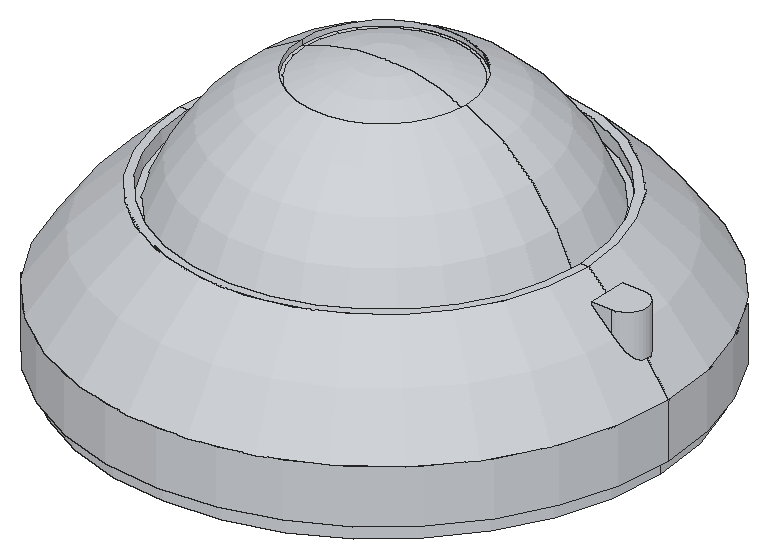
Revit family "Gira_537702", category Electrical Fixtures, host Face, Revit 2017
Family settings
  Host = Face
  Maintain Annotation Orientation = Yes
  Round Connector Dimension = Use Diameter
  Part Type = Normal
  Cut with Voids When Loaded = No
  Shared = No
  Room Calculation Point = No
Parameters (values of type "S3000 pres. + motion detec. 360° top BT Sentinel")
  With signal unit = "No"
  With remote control = "No"
  With alarm function = "No"
  With DALI interface = "No"
  URL = "http://katalog.gira.de/en/datenblatt.html?artikelnr=537702"
  Transparent = "No"
  Suitable for wall mounting = "Yes"
  Suitable for ceiling mounting = "Yes"
  Suitable for C-load = "No"
  Substation input = "Yes"
  Sensor type = "Passive infrared"
  Scan angle = "360"
  Remote operation = "Yes"
  Name = "S3000 pres. + motion detec. 360° top BT Sentinel"
  Model = "Presence detector"
  Manufacturer URL = "https://www.gira.de/"
  Manufacturer = "Gira"
  Keynote = ""
  HeinzeBIM = "https://bimportal.heinze.de/bim/s3000-pres-motion-detec-360-top-bt-sentinel/fb581fe04e710a97b5165a7e508656bc28bf388f"
  HAN = "537702"
  GTIN = "4010337052227"
  Forced switch on = "No"
  Forced switch off = "No"
  Description = "S3000 pr. mot.det.360° top BT Sent PW,System 3000 presence and motion detector 360 top unit BT,,pure white,Features:,- Automatic switching of lighting, depending on the movement of heat and ambient brightness.,- Operation with System 3000 switching or dimming insert or 3-wire auxiliary insert.,- Expansion of the detection range in combination with the 3-wire auxiliary insert.,- Operation with auxiliary insert, 2-wire, 3-wire or mechanical button.,- Covering panel to limit the detection range.,- Ceiling mounting on System 3000 flush-mounted insert.,Functions with the Gira Bluetooth app:,- Set the device as a presence detector or motion detector.,- Set the brightness threshold.,- Set the sensitivity of the three PIR sensors.,- Set the delay time.,- Override functions: Automatic mode, permanently on off, time-limited on off for 0.5 to 5 hours.,- Occupied-home simulation.,- Day mode.,- Walking test.,- Switch-off pre-warning.,With System 3000 switching insert:,- Short-term operation.,With System 3000 dimming insert:,- Constant light control.,- Switch on with the last brightness set, or a saved switch-on brightness.,- The switch-on brightness can only be saved permanently via the System 3000 auxiliary insert with operating top unit and the Gira Bluetooth app."
  Default Elevation = 1219.2 mm
  Data sheet (1) = "https://katalog.gira.de/en/download.html?artikelnr=537702"
  Category = "Movement sensor complete"
  Bridging switch = "No"
  BIM (1) = "https://media.stage.bim.site/public/gira/36a6b08/Bewegungsmelder_360°-Aufsatz.rfa?public/gira/36a6b08/Bewegungsmelder_360°-Aufsatz.rfa"
  Available = "No"
Reference planes
  plane 1 "Center (Front/Back)": y = 0
  plane 2: z = 0
  plane 3 "Center (Left/Right)": x = 0
Forms (mm)
  Revolve 1, solid, detail levels fine
    sketch origin (0, 0, 0) x (1, 0, 0) y (0, 0, 1)
      loop
        line (-14.45, 43.996) -> (0, 43.996) -> (0, 47.07)
        arc (0, 47.07) -> (-7.387, 46.293) -> (-14.45, 43.996) r 35.5
      axis (0, 47.07) -> (0, 43.996)
    angle from 0 to 360
  Revolve 2, solid, detail levels fine
    sketch origin (0, 0, 0) x (1, 0, 0) y (0, 0, 1)
      loop
        line (-34.401, 23.8) -> (0, 23.8) -> (0, 43.996) -> (-15, 43.996) -> (-15, 44.875)
        arc (-15, 44.875) -> (-26.854, 36.32) -> (-34.401, 23.8) r 36.5
      axis (0, 44.875) -> (0, 23.8)
    angle from 0 to 360
  Revolve 3, solid, detail levels fine
    sketch origin (0, 0, 0) x (1, 0, 0) y (0, 0, 1)
      loop
        line (-51.5, 9.786) -> (-51.5, 0) -> (0, 0) -> (0, 23.8) -> (-35.498, 23.8) -> (-35.498, 26.29) -> (-36.928, 26.29)
        arc (-36.928, 26.29) -> (-44.977, 18.712) -> (-51.5, 9.786) r 60
      axis (0, 26.29) -> (0, 0)
    angle from 0 to 360
  Revolve 4, solid, detail levels fine
    sketch origin (0, 0, 0) x (1, 0, 0) y (0, 0, 1)
      loop
        line (-49.958, -2.789) -> (-48.958, -2.789) -> (-48.958, -1.289) -> (-47.669, 0) -> (-49.958, 0) -> (-49.958, -2.789)
      axis (0, 0) -> (0, -2.789)
    angle from 0 to 360
  Extrusion 5, solid
    sketch origin (0, 0, 0) x (1, 0, 0) y (0, 1, 0)
      loop
        line (-24.15, 19.208) -> (-24.15, -19.208)
        spline (-24.15, -19.208) -> (-24.108, -19.848) -> (-23.983, -20.476) -> (-23.777, -21.083) -> (-23.494, -21.658) -> (-23.138, -22.191) -> (-22.715, -22.673) -> (-22.233, -23.095) -> (-21.7, -23.452) -> (-21.125, -23.735) -> (-20.518, -23.941) -> (-19.89, -24.066) -> (-19.25, -24.108)
        line (-19.25, -24.108) -> (19.166, -24.108)
        spline (19.166, -24.108) -> (19.806, -24.066) -> (20.434, -23.941) -> (21.041, -23.735) -> (21.616, -23.452) -> (22.149, -23.095) -> (22.631, -22.673) -> (23.053, -22.191) -> (23.409, -21.658) -> (23.693, -21.083) -> (23.899, -20.476) -> (24.024, -19.848) -> (24.066, -19.208)
        line (24.066, -19.208) -> (24.066, 19.208)
        spline (24.066, 19.208) -> (24.024, 19.848) -> (23.899, 20.476) -> (23.693, 21.083) -> (23.409, 21.658) -> (23.053, 22.191) -> (22.631, 22.673) -> (22.149, 23.095) -> (21.616, 23.452) -> (21.041, 23.735) -> (20.434, 23.941) -> (19.806, 24.066) -> (19.166, 24.108)
        line (19.166, 24.108) -> (-19.25, 24.108)
        spline (-19.25, 24.108) -> (-19.89, 24.066) -> (-20.518, 23.941) -> (-21.125, 23.735) -> (-21.7, 23.452) -> (-22.233, 23.095) -> (-22.715, 22.673) -> (-23.138, 22.191) -> (-23.494, 21.658) -> (-23.777, 21.083) -> (-23.983, 20.476) -> (-24.108, 19.848) -> (-24.15, 19.208)
    from -0.889 to 1
  Extrusion 6, solid, detail levels fine
    sketch origin (0, 0, 0) x (1, 0, 0) y (0, 1, 0)
      loop
        arc (-4.754, 14.878) -> (-4.578, 14.454) -> (-4.154, 14.278) r 0.6
        line (-4.154, 14.278) -> (4.07, 14.278)
        arc (4.07, 14.278) -> (4.494, 14.454) -> (4.67, 14.878) r 0.6
        line (4.67, 14.878) -> (4.67, 20.902)
        arc (4.67, 20.902) -> (4.494, 21.326) -> (4.07, 21.502) r 0.6
        line (4.07, 21.502) -> (-4.154, 21.502)
        arc (-4.154, 21.502) -> (-4.585, 21.327) -> (-4.772, 20.902) r 0.618
        line (-4.772, 20.902) -> (-4.754, 14.878)
    from -15.789 to -0.889
  Extrusion 7, solid, detail levels fine
    sketch origin (0, 0, 0) x (1, 0, 0) y (0, 0, 1)
      loop
        line (-23.006, -13.231) -> (-21.623, -13.401) -> (-24.296, -6.252) -> (-23.502, 0.211) -> (-24.954, 0.211) -> (-24.887, -1.083) -> (-25.353, -6.415) -> (-23.006, -13.231)
      loop
        line (23.006, -13.231) -> (25.353, -6.415) -> (24.887, -1.083) -> (24.954, 0.211) -> (23.502, 0.211) -> (24.296, -6.252) -> (21.623, -13.401) -> (23.006, -13.231)
    from -11.1 to -7.9
  Extrusion 8, solid, detail levels fine
    sketch origin (0, 0, 0) x (1, 0, 0) y (0, 0, -1)
      loop
        line (-23.006, 13.231) -> (-25.353, 6.415) -> (-24.887, 1.083) -> (-24.954, -0.211) -> (-23.502, -0.211) -> (-24.296, 6.252) -> (-21.623, 13.401) -> (-23.006, 13.231)
      loop
        line (23.006, 13.231) -> (21.623, 13.401) -> (24.296, 6.252) -> (23.502, -0.211) -> (24.954, -0.211) -> (24.887, 1.083) -> (25.353, 6.415) -> (23.006, 13.231)
    from -11.1 to -7.9
  Extrusion 9, solid, detail levels fine
    sketch origin (0, 0, 0) x (1, 0, 0) y (0, 1, 0)
      loop
        line (40.39, 3.5) -> (40.39, -3.5) -> (44, -3.5)
        arc (44, -3.5) -> (47.5, 0) -> (44, 3.5) r 3.5
        line (44, 3.5) -> (40.39, 3.5)
    from 11.739 to 23.27
  Revolve 10, solid, detail levels medium
    sketch origin (0, 0, 0) x (1, 0, 0) y (0, 0, 1)
      loop
        line (-51.5, 9.786) -> (-51.5, 0) -> (0, 0) -> (0, 47.202)
        arc (0, 47.202) -> (-31.658, 36.626) -> (-51.5, 9.786) r 55.419
      axis (0, 47.202) -> (0, 0)
    angle from 0 to 360
  Extrusion 11, solid, detail levels medium
    sketch origin (0, 0, 0) x (1, 0, 0) y (0, 1, 0)
      loop
        circle (0, 0) r 49.958
    from -2.789 to 0
  Extrusion 12, solid, detail levels medium
    sketch origin (0, 0, 0) x (1, 0, 0) y (0, 0, -1)
      loop
        line (-24.954, -0.211) -> (-21.623, -0.211) -> (-21.623, 13.401) -> (-24.954, 13.401) -> (-24.954, -0.211)
      loop
        line (24.954, -0.211) -> (24.954, 13.401) -> (21.623, 13.401) -> (21.623, -0.211) -> (24.954, -0.211)
    from -11.1 to -7.9
  Extrusion 13, solid, detail levels medium
    sketch origin (0, 0, 0) x (1, 0, 0) y (0, 0, 1)
      loop
        line (-24.954, 0.211) -> (-24.954, -13.401) -> (-21.623, -13.401) -> (-21.623, 0.211) -> (-24.954, 0.211)
      loop
        line (24.954, 0.211) -> (21.623, 0.211) -> (21.623, -13.401) -> (24.954, -13.401) -> (24.954, 0.211)
    from -11.1 to 0
  Extrusion 14, solid, detail levels coarse
    sketch origin (0, 0, 0) x (1, 0, 0) y (0, 1, 0)
      loop
        circle (0, 0) r 51.5
    from -15.789 to 47.07
  Extrusion 15, solid, detail levels medium
    sketch origin (0, 0, 0) x (1, 0, 0) y (0, 1, 0)
      loop
        line (-4.752, 14.278) -> (4.67, 14.278) -> (4.67, 21.502) -> (-4.773, 21.502) -> (-4.752, 14.278)
    from -15.789 to -0.889
Dimensions and locks
  aligned and locked: plane 2 to host face
  aligned and locked: level to host face
  aligned and locked: nested 1 to plane 3 "Center (Left/Right)"
  aligned and locked: plane 1 "Center (Front/Back)" to nested 1
Nested families
  nested 1: "Belegungssensor - Bewegung - Aufputz - Beschriftung" at (0, 0, 0) x (0, -1, 0) z (0, 0, 1), type "Belegungssensor - Bewegung - Aufputz - Beschriftung"
Connectors
  electrical at (0, 0, -15.789)
    settings: on Extrusion 14, index 1, voltage 220 V, apparent load 0 VA, apparent load phase1 0 VA, apparent load phase2 0 VA, apparent load phase3 0 VA, power factor 1, load classification "Other", number of poles 1, system type 30, power factor state 1, is connector primary yes, connector utility no, sub classification motor no, connector description ""
Definition of nested family "Belegungssensor - Bewegung - Aufputz - Beschriftung"
  Reference planes
    plane 1: y = 0
    plane 2: x = 0
  Lines and regions (mm)
    Filled region 1, type "Gefüllter Bereich 1"
      outline origin (143.425, -20.712, 0) x (1, 0, 0) y (0, 1, 0)
        loop
          line (-148.697, 21.204) -> (-148.697, 20.409) -> (-147.583, 20.807) -> (-148.697, 21.204)
    Filled region 2, type "Gefüllter Bereich 1"
      outline origin (141.808, 30.001, 0) x (0.939693, 0.34202, 0) y (-0.34202, 0.939693, 0)
        loop
          line (-148.694, 21.203) -> (-148.694, 20.41) -> (-147.583, 20.807) -> (-148.694, 21.203)
    Filled region 3, type "Gefüllter Bereich 1"
      outline origin (141.819, -29.825, 0) x (-0.34202, -0.939693, 0) y (0.939693, -0.34202, 0)
        loop
          line (21.204, -148.697) -> (20.807, -147.583) -> (20.409, -148.697) -> (21.204, -148.697)
    detail lines
      curve 1: line (-1.207, 0.095, 0) -> (-3.486, 1.411, 0)
      curve 2: line (-1.207, 0.095, 0) -> (-3.486, -1.221, 0)
      curve 5: arc (-3.252, 1.752, 0) -> (-3.839, 0.095, 0) -> (-3.252, -1.562, 0) r 2.632
      curve 6: line (-6, 3, 0) -> (0, 3, 0)
      curve 7: line (-6, -3, 0) -> (-6, 3, 0)
      curve 8: line (0, -3, 0) -> (-6, -3, 0)
      curve 9: line (0, 3, 0) -> (0, -3, 0)
    reference lines
      curve 3: line (-1.207, 0.095, 0) -> (-3.616, 2.046, 0)
      curve 4: line (-1.207, 0.095, 0) -> (-3.616, -1.856, 0)
  Dimensions and locks
    curve 1 to curve 1 = 2.632 mm
    curve 2 to curve 2 = 2.632 mm
    curve 6 to curve 8 = 6 mm
    curve 7 to curve 9 = 6 mm
    angle curve 1 to curve 2 = 60.00°
    aligned and locked: curve 6 to curve 7
    aligned and locked: curve 9 to curve 9
